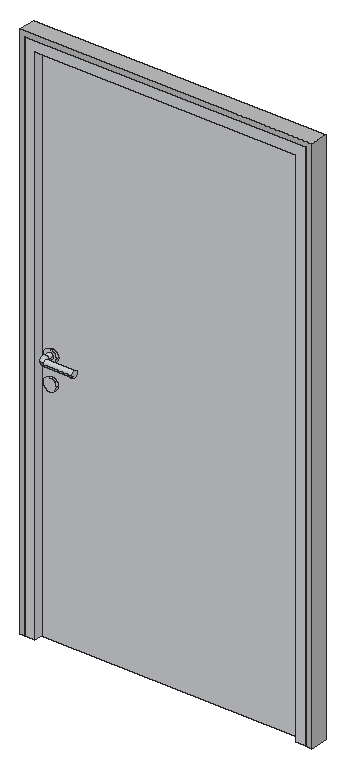
Revit family "BRU_Дверь_Однопольная_Стальная_Кл_П_Исправлено", category Двери, Revit 2021
Family settings
  Основа = Стена
  Номер OmniClass = 23.30.10.00
  Заголовок OmniClass = Doors
  Всегда вертикально = Да
  При загрузке вырезать с полостями = Нет
  Общий = Нет
  Точка принадлежности помещению = Нет
Parameters (values of type "ДСВ-О-Н-EI60 1100х2100(h) Л")
  Четверть сверху.Размер [instance] = 30 mm
  Четверть (есть/нет) [instance] = no
  Четверть сверху [instance] = if([Четверть (есть/нет)], Четверть сверху.Размер, 0 mm)  # 0 mm
  Четверть сбоку [instance] = if([Четверть (есть/нет)], Четверти сбоку.Размер, 0 mm)  # 0 mm
  Четверти сбоку.Размер [instance] = 30 mm
  Угол в плане 30 [instance] = yes
  Тип полотна двери = Полотно : Глухое
  Ручка двери = none
  Рама двери.Ширина справа = 80 mm
  Рама двери.Ширина слева = 80 mm
  Рама двери.Ширина внизу = 80 mm
  Рама двери.Ширина вверху = 80 mm
  Полотно двери. Высота [instance] = Rough Height - Коробка.Ширина  # 2070 mm
  Площадь [instance] = Width * Height  # 2.565 m²
  Откосы.Ширина [instance] = 530 mm
  Define Thermal Properties by = 1
  Fire Rating = ""
  О_Обозначение = ""
  О_Наименование = ""
  Монтажный зазор снизу.Толщина [instance] = 130 mm
  Монтажный зазор сверху.Толщина = 20 mm
  Коробка.Ширина = 30 mm
  Коробка.Толщина = 70 mm
  Правая = no
  Полотно.Толщина = 40 mm
  Полотно двери = none
  Остекление двери = none
  Наличник.Ширина [instance] = 60 mm
  Наличник.Толщина [instance] = 10 mm
  Наличник снаружи (есть/нет) [instance] = no
  Наличник внутри (есть/нет) [instance] = no
  Монтажный зазор сбоку.Толщина = 20 mm
  Type Comments = ""
  Глубина выреза проема наружу [instance] = 200 mm
  Глубина выреза проема внутрь [instance] = 200 mm
  Глубина вставки двери [instance] = 0 mm
  Левая = not(Правая)  # yes
  Защитное ограждение (есть/нет) = no
  Огибание наружных слоев [instance] = 0 mm
  Width = 1140 mm
  Rough Width [instance] = Width - Монтажный зазор сбоку.Толщина * 2  # 1100 mm
  Rough Height [instance] = Height - Монтажный зазор сверху.Толщина - Монтажный зазор снизу.Толщина  # 2100 mm
  Группа модели = "Дверь глухая с порогом"
  Manufacturer = ""
  Wall Closure = (empty or 0)
  Height = 2250 mm
  Description = ""
  Тип конструкций = "Дверь стальная"
  Аналитическая конструкция = "<Нет>"
  BRU_ДверьТип = "BRU_Дверь_Однопольная_Стальная_Техническая_Противопожарная"
  ADSK_Этаж [instance] = ""
  ADSK_Толщина стены [instance] = 0 mm
  ADSK_Примечание [instance] = ""
  ADSK_Предел огнестойкости = "EI60"
  ADSK_Позиция [instance] = ""
  ADSK_Открывание = if(Правая, "Правая", "Левая")  # "Левая"
  ADSK_Обозначение = "ГОСТ 6629-88"  # constant formula
  ADSK_Наименование краткое = ""
  ADSK_Наименование = "ДСВ-О-Н-EI60 1100х2100(h)"
  ADSK_Масса_Текст = ""
  ADSK_Количество [instance] = 0
  ADSK_Код изделия = ""
  ADSK_Зона [instance] = ""
  ADSK_Завод-изготовитель = ""
  ADSK_Единица измерения = ""
  ADSK_Группирование [instance] = ""
  ADSK_URL страницы изделия = ""
  ADSK_URL документации изделия = ""
Types (2, lengths in mm): name | Правая | Левая | ADSK_Открывание
  ДСВ-О-Н-EI60 1100х2100(h) Пр | yes | no | "Правая"
  ДСВ-О-Н-EI60 1100х2100(h) Л | no | yes | "Левая"
Reference planes
  plane 1: y = 0
  plane 2 "По центру (Влево/Вправо)": x = 0
  plane 3 "Слева": x = -570
  plane 4 "Справа": x = 570
  plane 5: z = 2250
  plane 6 "Наружный": y = 300
  plane 7 "Внутренние": y = -300
  plane 8 "Вставка двери": y = 300
  plane 9 "Четверть слева": x = -570
  plane 10 "Четверть справа": x = 570
  plane 11 "Четверть сверху": z = 2250
  plane 12 "Полотно двери": y = 260
  plane 13 "Рама внутри": y = 230
  plane 14 "Монтажный зазор слева": x = -550
  plane 15 "Монтажный зазор справа": x = 550
  plane 16 "Монтажный зазор сверху": z = 2230
  plane 17 "Глубина огибания наружного слоя": y = 300
  plane 18: y = 310
  plane 19: x = 560
  plane 20: y = -310
  plane 21: x = -560
  plane 22: y = 500
  plane 23: y = -500
  plane 24 "2": z = 130
Forms (mm)
  Extrusion 1, void
    sketch origin (0, 0, 0) x (1, 0, 0) y (0, 1, 0)
      loop
        line (570, 300) -> (-570, 300) -> (-570, -500) -> (570, -500) -> (570, 300)
    from 0 to 2250
  Extrusion 2, void
    sketch origin (0, 0, 0) x (1, 0, 0) y (0, 1, 0)
      loop
        line (570, 500) -> (-570, 500) -> (-570, 300) -> (570, 300) -> (570, 500)
    from 0 to 2250
  Sweep 3, solid, material <- "Полотно двери", visible <- "Наличник снаружи (есть/нет)", detail levels fine
    path origin (0, 300, 0) x (1, 0, 0) y (0, 0, 1)
      loop
        line (-570, 130) -> (-570, 2250) -> (570, 2250) -> (570, 130)
    profile origin (-570, 300, 1190) x (-1, 0, 0) y (0, -1, 0)
      loop
        line (-10, 0) -> (-10, -5)
        arc (-10, -5) -> (-8.536, -8.536) -> (-5, -10) r 5
        line (-5, -10) -> (45, -10)
        arc (45, -10) -> (48.536, -8.536) -> (50, -5) r 5
        line (50, -5) -> (50, 0) -> (-10, 0)
  Sweep 4, solid, material <- "Полотно двери", visible <- "Наличник внутри (есть/нет)", detail levels fine
    path origin (0, -300, 0) x (1, 0, 0) y (0, 0, 1)
      loop
        line (-570, 130) -> (-570, 2250) -> (570, 2250) -> (570, 130)
    profile origin (-570, -300, 1190) x (-1, 0, 0) y (0, -1, 0)
      loop
        line (-20, 0) -> (40, 0) -> (40, 5)
        arc (40, 5) -> (38.536, 8.536) -> (35, 10) r 5
        line (35, 10) -> (-15, 10)
        arc (-15, 10) -> (-18.536, 8.536) -> (-20, 5) r 5
        line (-20, 5) -> (-20, 0)
  Sweep 5, solid, material <- "Полотно двери"
    path origin (0, 300, 0) x (-1, 0, 0) y (0, 0, 1)
      loop
        line (550, 130) -> (550, 2230) -> (-550, 2230) -> (-550, 130)
    profile origin (550, 300, 1180) x (0, 1, 0) y (-1, 0, 0)
      loop
        line (0, 0) -> (0, 30) -> (-40, 30) -> (-40, 40) -> (-70, 40) -> (-70, 0) -> (0, 0)
  Sweep 6, solid, material <- "Полотно двери", visible <- "Наличник снаружи (есть/нет)", detail levels fine
    path origin (0, 300, 0) x (-1, 0, 0) y (0, 0, 1)
      loop
        line (570, 130) -> (570, 2250) -> (-570, 2250) -> (-570, 130)
    profile origin (570, 300, 1190) x (0, 1, 0) y (-1, 0, 0)
      loop
        line (5, 0) -> (5, 10) -> (0, 10) -> (0, 0) -> (5, 0)
  Extrusion 7, solid, material <- "Полотно двери"
    sketch origin (-2514.822, 300, 1200) x (-1, 0, 0) y (0, 0, 1)
      loop
        line (-3084.822, 1050) -> (-3084.822, -1070) -> (-3063.822, -1070) -> (-3063.822, 1029) -> (-1965.822, 1029) -> (-1965.822, -1070) -> (-1944.822, -1070) -> (-1944.822, 1050) -> (-3084.822, 1050)
    from 0 to -70
Cuts and joins
  joined: Sweep 3, Sweep 6
Lines and regions (mm)
  Masking region 1, detail levels fine
    outline origin (0, 0, 0) x (0, 1, 0) y (0, 0, 1)
      loop
        line (230, 2190) -> (260, 2190) -> (260, 2200) -> (300, 2200) -> (300, 2230) -> (230, 2230) -> (230, 2190)
  Masking region 2, detail levels fine
    outline origin (0, 0, 0) x (0, 1, 0) y (0, 0, 1)
      loop
        line (300, 130) -> (300, 2200) -> (260, 2200) -> (260, 130) -> (300, 130)
  Masking region 3, detail levels fine
    outline origin (0, 0, 0) x (0, 1, 0) y (0, 0, 1)
      loop
        line (230, 2190) -> (230, 130) -> (260, 130) -> (260, 2190) -> (230, 2190)
  Masking region 4, detail levels coarse+medium
    outline origin (0, 0, 0) x (0, 1, 0) y (0, 0, 1)
      loop
        line (300, 130) -> (300, 2250) -> (230, 2250) -> (230, 130) -> (300, 130)
Text (mm)
  text "Наружный" at (-2295.016, 1099.543, 0), in view "Опорный уровень "
  text "Наружный" at (0, 1615.38, 3698.081), in view "Слева"
  text "Наружный" at (0, 1036.032, 3874.932), in view "Справа"
Dimensions and locks
  equal spacing: plane 14 "Монтажный зазор слева", plane 2 "По центру (Влево/Вправо)", plane 15 "Монтажный зазор справа"
  "Rough Width": plane 14 "Монтажный зазор слева" to plane 15 "Монтажный зазор справа"
  "Rough Height": plane 16 "Монтажный зазор сверху" to plane 24 "2"
  host wall to plane 5 = 2250 mm  (x2)
  locked: plane 6 "Наружный" to host wall
  locked: plane 7 "Внутренние" to host wall
  "Четверть сбоку": plane 3 "Слева" to plane 9 "Четверть слева"
  "Четверть сбоку": plane 10 "Четверть справа" to plane 4 "Справа"
  "Глубина вставки двери": plane 6 "Наружный" to plane 8 "Вставка двери"
  "Наличник.Ширина": Sweep 3 sketch curve to plane 21
  "Коробка.Толщина": plane 8 "Вставка двери" to plane 13 "Рама внутри"
  "Полотно.Толщина": plane 8 "Вставка двери" to plane 12 "Полотно двери"
  "Огибание наружных слоев": plane 6 "Наружный" to plane 17 "Глубина огибания наружного слоя"
  "Наличник.Ширина": Sweep 4 sketch curve to Sweep 4 sketch curve
  locked: Sweep 4 sketch curve to Sweep 4 sketch curve at 5  (x4)
  locked: Sweep 3 sketch curve to Sweep 3 sketch curve at 5
  "Коробка.Ширина": Sweep 5 sketch curve to profile plane
  locked: Sweep 5 sketch curve to Sweep 5 sketch curve at 10
  "Наличник.Толщина": plane 7 "Внутренние" to plane 20
  "Наличник.Толщина": plane 18 to plane 6 "Наружный"
  "Наличник.Толщина": plane 9 "Четверть слева" to plane 21
  "Наличник.Толщина": plane 19 to plane 10 "Четверть справа"
  locked: plane 18 to Sweep 3 sketch curve at 5  (x2)
  locked: Sweep 3 sketch curve to plane 21 at 5
  locked: plane 18 to Sweep 6 sketch curve at 5
  "Откосы.Ширина": plane 7 "Внутренние" to plane 13 "Рама внутри"
  equal spacing: plane 3 "Слева", plane 2 "По центру (Влево/Вправо)", plane 4 "Справа"
  "Width": plane 3 "Слева" to plane 4 "Справа"
  "Глубина выреза проема внутрь": plane 23 to plane 7 "Внутренние"
  "Глубина выреза проема наружу": plane 6 "Наружный" to plane 22
  locked: Extrusion 7 sketch curve to plane 15 "Монтажный зазор справа" at 1
  locked: Extrusion 7 sketch curve to plane 16 "Монтажный зазор сверху" at 1
  locked: plane 14 "Монтажный зазор слева" to Extrusion 7 sketch curve at 1
  "Монтажный зазор снизу.Толщина": level to plane 24 "2"
  "Монтажный зазор сверху.Толщина": plane 5 to plane 16 "Монтажный зазор сверху"
  "Четверть сверху": plane 5 to plane 11 "Четверть сверху"
  aligned and locked: plane 1 to host wall
  aligned and locked: plane 8 "Вставка двери" to Extrusion 1 sketch curve
  aligned and locked: plane 3 "Слева" to Extrusion 1 sketch curve
  aligned and locked: Extrusion 1 sketch curve to plane 4 "Справа"
  aligned and locked: Extrusion 1 to level
  aligned and locked: Extrusion 1 to plane 5
  aligned and locked: Extrusion 2 sketch curve to plane 8 "Вставка двери"
  aligned and locked: plane 10 "Четверть справа" to Extrusion 2 sketch curve
  aligned and locked: Extrusion 2 sketch curve to plane 9 "Четверть слева"
  aligned and locked: Extrusion 2 to level
  aligned and locked: plane 11 "Четверть сверху" to Extrusion 2
  aligned and locked: plane 9 "Четверть слева" to Sweep 3 sketch curve
  aligned and locked: plane 11 "Четверть сверху" to Sweep 3 sketch curve
  aligned and locked: plane 10 "Четверть справа" to Sweep 3 sketch curve
  aligned and locked: Sweep 4 sketch curve to plane 3 "Слева"
  aligned and locked: Sweep 4 sketch curve to plane 5
  aligned and locked: Sweep 4 sketch curve to plane 4 "Справа"
  aligned and locked: Sweep 4 sketch curve to plane 7 "Внутренние"
  aligned and locked: Sweep 5 sketch curve to plane 15 "Монтажный зазор справа"
  aligned and locked: Sweep 5 sketch curve to plane 16 "Монтажный зазор сверху"
  aligned and locked: Sweep 5 sketch curve to plane 14 "Монтажный зазор слева"
  aligned and locked: profile plane to Sweep 5 sketch curve
  aligned and locked: plane 13 "Рама внутри" to Sweep 5 sketch curve
  aligned and locked: plane 8 "Вставка двери" to Sweep 5 sketch curve
  aligned and locked: plane 12 "Полотно двери" to Sweep 5 sketch curve
  aligned and locked: plane 12 "Полотно двери" to nested 1
  aligned and locked: nested 1 to plane 8 "Вставка двери"
  aligned and locked: Sweep 5 to nested 1
  aligned and locked: nested 1 to Sweep 5  (x2)
  aligned and locked: plane 2 "По центру (Влево/Вправо)" to nested 2
  aligned and locked: nested 2 to plane 8 "Вставка двери"
  aligned and locked: plane 12 "Полотно двери" to nested 2
  aligned and locked: plane 13 "Рама внутри" to nested 2
  aligned and locked: plane 2 "По центру (Влево/Вправо)" to nested 3
  aligned and locked: plane 8 "Вставка двери" to nested 3
  aligned and locked: nested 3 to plane 12 "Полотно двери"
  aligned and locked: nested 3 to plane 13 "Рама внутри"
  aligned and locked: Sweep 4 sketch curve to plane 14 "Монтажный зазор слева"
  aligned and locked: profile plane to Sweep 3 sketch curve
  aligned and locked: Sweep 6 sketch curve to plane 11 "Четверть сверху"
  aligned and locked: plane 10 "Четверть справа" to Sweep 6 sketch curve  (x2)
  aligned and locked: plane 9 "Четверть слева" to Sweep 6 sketch curve
  aligned and locked: plane 8 "Вставка двери" to Sweep 6 sketch curve
  aligned and locked: plane 20 to Sweep 4 sketch curve
  aligned and locked: plane 18 to Sweep 3 sketch curve
  aligned and locked: Sweep 6 sketch curve to plane 19
  aligned and locked: Masking region 1 sketch curve to Sweep 5  (x2)
  aligned and locked: plane 12 "Полотно двери" to Masking region 1 sketch curve
  aligned and locked: plane 13 "Рама внутри" to Masking region 1 sketch curve
  aligned and locked: plane 8 "Вставка двери" to Masking region 1 sketch curve
  aligned and locked: plane 16 "Монтажный зазор сверху" to Masking region 1 sketch curve
  aligned and locked: plane 8 "Вставка двери" to Masking region 2 sketch curve
  aligned and locked: plane 12 "Полотно двери" to Masking region 2 sketch curve
  aligned and locked: Masking region 2 sketch curve to Sweep 5
  aligned and locked: Masking region 3 sketch curve to Sweep 5
  aligned and locked: plane 13 "Рама внутри" to Masking region 3 sketch curve
  aligned and locked: plane 12 "Полотно двери" to Masking region 3 sketch curve
  aligned and locked: plane 8 "Вставка двери" to Masking region 4 sketch curve
  aligned and locked: plane 13 "Рама внутри" to Masking region 4 sketch curve
  aligned and locked: plane 5 to Masking region 4 sketch curve
  aligned and locked: Extrusion 7 sketch curve to plane 4 "Справа"
  aligned and locked: Extrusion 7 sketch curve to plane 3 "Слева"
  aligned and locked: Extrusion 7 sketch curve to plane 5
  aligned and locked: Extrusion 7 to plane 13 "Рама внутри"
  aligned and locked: plane 8 "Вставка двери" to Extrusion 7
  aligned and locked: plane 22 to Extrusion 2 sketch curve
  aligned and locked: Extrusion 1 sketch curve to plane 23
  aligned and locked: plane 24 "2" to Sweep 5 sketch curve  (x2)
  aligned and locked: plane 24 "2" to Sweep 3 sketch curve  (x2)
  aligned and locked: plane 24 "2" to Sweep 6 sketch curve  (x2)
  aligned and locked: plane 24 "2" to Sweep 4 sketch curve  (x2)
  aligned and locked: Extrusion 7 sketch curve to plane 24 "2"
  aligned and locked: plane 24 "2" to Extrusion 7 sketch curve
  aligned and locked: Masking region 4 sketch curve to plane 24 "2"
  aligned and locked: Masking region 3 sketch curve to plane 24 "2"
  aligned and locked: Masking region 2 sketch curve to plane 24 "2"
Nested families
  nested 1: "Полотно" at (0, 300, 130), type <- "Тип полотна двери", Полотно двери.Высота <- "Полотно двери. Высота", type "Глухое"
    with Полотно двери.Ширина 1040 mm, Полотно двери.Толщина 40 mm, Полотно двери.Высота 2070 mm, Правая no, Левая yes
  nested 2: "Обозначение на плане" at (0, 300, 0), Ширина двери <- "Rough Width", visible <- "Правая", Монтажный зазор <- "Монтажный зазор сбоку.Толщина", Ширина коробки <- "Коробка.Ширина", Толщина полотна двери <- "Полотно.Толщина", Толщина коробки <- "Коробка.Толщина", type "По-умолчанию"
    with Ширина полотна двери 1000 mm, Ширина коробки 30 mm, Ширина двери 1100 mm, Толщина полотна двери 40 mm, Толщина коробки 70 mm, Монтажный зазор 20 mm
  nested 3: "Обозначение на плане" at (0, 300, 0) x (-1, 0, 0) z (0, 0, 1), Ширина двери <- "Rough Width", visible <- "Левая", Монтажный зазор <- "Монтажный зазор сбоку.Толщина", Ширина коробки <- "Коробка.Ширина", Толщина полотна двери <- "Полотно.Толщина", Толщина коробки <- "Коробка.Толщина", type "По-умолчанию"
    with Ширина полотна двери 1000 mm, Ширина коробки 30 mm, Ширина двери 1100 mm, Толщина полотна двери 40 mm, Толщина коробки 70 mm, Монтажный зазор 20 mm
Definition of nested family "Полотно"
  Parameters (values of type "Глухое")
    Ручка.Отступ от края = 50 mm
    Ручка.Высота расположения = 1000 mm
    Ручка двери = none
    Рама справа.Ширина = 150 mm
    Рама слева.Ширина = 150 mm
    Рама внизу.Ширина = 600 mm
    Рама вверху.Ширина = 150 mm
    Правая = yes
    Полотно остекленное = no
    Полотно двери.Ширина [instance] = 1000 mm
    Полотно двери.Толщина [instance] = 40 mm
    Полотно двери.Высота [instance] = 2100 mm
    Полотно двери = none
    Полотно глухое = yes
    Остекление двери = none
    Левая = not(Правая)  # no
    Защитные ограждения = no
    Analytic Construction = "<Нет>"
  Types (2, lengths in mm): name | Рама справа.Ширина | Рама слева.Ширина | Рама внизу.Ширина | Рама вверху.Ширина | Полотно остекленное | Полотно глухое
    Глухое | 150 | 150 | 600 | 150 | no | yes
    Остекленное | 80 | 80 | 80 | 80 | yes | no
  Reference planes
    plane 1 "Center (Front/Back)": y = 0
    plane 2: z = 0
    plane 3 "Center (Left/Right)": x = 0
    plane 4: x = -500
    plane 5: x = 500
    plane 6 "Back": y = -40
    plane 7: z = 2100
    plane 8 "Высота расположения ручки": z = 1000
    plane 9 "Отступ ручки справа": x = 450
    plane 10 "Отступ ручки слева": x = -450
    plane 11 "Остекление снаружи": y = -8
    plane 12 "Остекление внутри": y = -32
    plane 13 "Ширина рамы справа": x = -350
    plane 14 "Ширина рамы слева": x = 350
    plane 15 "Ширина рамы внизу": z = 600
    plane 16 "Ширина рамы вверху": z = 1950
    plane 17: z = 950
    plane 18: z = 800
    plane 19: z = 650
    plane 20: z = 1050
  Forms (mm)
    Extrusion 1, solid, material <- "Полотно двери", visible <- "Полотно глухое"
      sketch origin (0, 0, 0) x (1, 0, 0) y (0, 0, 1)
        loop
          line (-500, 2100) -> (-500, 0) -> (500, 0) -> (500, 2100) -> (-500, 2100)
      from 0 to 40 <- "Полотно двери.Толщина"
    Extrusion 2, solid, material <- "Полотно двери", visible <- "Полотно остекленное"
      sketch origin (0, 0, 0) x (1, 0, 0) y (0, 0, 1)
        loop
          line (-500, 2100) -> (-500, 0) -> (500, 0) -> (500, 2100) -> (-500, 2100)
        loop
          line (-350, 600) -> (350, 600) -> (350, 1950) -> (-350, 1950) -> (-350, 600)
      from 0 to 40
    Extrusion 3, solid, material <- "Остекление двери", visible <- "Полотно остекленное"
      sketch origin (-646.608, -8, 1200) x (-1, 0, 0) y (0, 0, 1)
        loop
          line (-296.608, 750) -> (-996.608, 750) -> (-996.608, -600) -> (-296.608, -600) -> (-296.608, 750)
      from 0 to -24
    Sweep 4, solid, material <- "Ручка двери", visible <- "Защитные ограждения", detail levels medium+fine
      path origin (-858.179, -1524, 950) x (-1, 0, 0) y (0, -1, 0)
        loop
          arc (-478.179, -1469) -> (-482.572, -1458.393) -> (-493.179, -1454) r 15
          line (-493.179, -1454) -> (-1223.179, -1454)
          arc (-1223.179, -1454) -> (-1233.785, -1458.393) -> (-1238.179, -1469) r 15
          line (-1238.179, -1469) -> (-1238.179, -1539)
          arc (-1238.179, -1539) -> (-1233.785, -1549.607) -> (-1223.179, -1554) r 15
          line (-1223.179, -1554) -> (-493.179, -1554)
          arc (-493.179, -1554) -> (-482.572, -1549.607) -> (-478.179, -1539) r 15
          line (-478.179, -1539) -> (-478.179, -1469)
      profile origin (-380, -20, 950) x (-1, 0, 0) y (0, 0, 1)
        loop
          circle (0, 0) r 10
    Sweep 5, solid, material <- "Ручка двери", visible <- "Защитные ограждения", detail levels medium+fine
      path origin (-858.179, -1524, 800) x (-1, 0, 0) y (0, -1, 0)
        loop
          arc (-478.179, -1469) -> (-482.572, -1458.393) -> (-493.179, -1454) r 15
          line (-493.179, -1454) -> (-1223.179, -1454)
          arc (-1223.179, -1454) -> (-1233.785, -1458.393) -> (-1238.179, -1469) r 15
          line (-1238.179, -1469) -> (-1238.179, -1539)
          arc (-1238.179, -1539) -> (-1233.785, -1549.607) -> (-1223.179, -1554) r 15
          line (-1223.179, -1554) -> (-493.179, -1554)
          arc (-493.179, -1554) -> (-482.572, -1549.607) -> (-478.179, -1539) r 15
          line (-478.179, -1539) -> (-478.179, -1469)
      profile origin (-380, -20, 800) x (-1, 0, 0) y (0, 0, 1)
        loop
          circle (0, 0) r 10
    Sweep 6, solid, material <- "Ручка двери", visible <- "Защитные ограждения", detail levels medium+fine
      path origin (-858.179, -1524, 650) x (-1, 0, 0) y (0, -1, 0)
        loop
          arc (-478.179, -1469) -> (-482.572, -1458.393) -> (-493.179, -1454) r 15
          line (-493.179, -1454) -> (-1223.179, -1454)
          arc (-1223.179, -1454) -> (-1233.785, -1458.393) -> (-1238.179, -1469) r 15
          line (-1238.179, -1469) -> (-1238.179, -1539)
          arc (-1238.179, -1539) -> (-1233.785, -1549.607) -> (-1223.179, -1554) r 15
          line (-1223.179, -1554) -> (-493.179, -1554)
          arc (-493.179, -1554) -> (-482.572, -1549.607) -> (-478.179, -1539) r 15
          line (-478.179, -1539) -> (-478.179, -1469)
      profile origin (-380, -20, 650) x (-1, 0, 0) y (0, 0, 1)
        loop
          circle (0, 0) r 10
  Lines and regions (mm)
    symbolic lines, visible <- "Правая", detail levels medium
      curve 1: line (-500, 0, 0) -> (500, 0, 1050)
      curve 2: line (500, 0, 1050) -> (-500, 0, 2100)
    symbolic lines, visible <- "Левая", detail levels medium
      curve 3: line (500, 0, 0) -> (-500, 0, 1050)
      curve 4: line (-500, 0, 1050) -> (500, 0, 2100)
  Dimensions and locks
    "Полотно двери.Толщина": plane 1 "Center (Front/Back)" to plane 6 "Back"
    equal spacing: plane 4, plane 3 "Center (Left/Right)", plane 5
    "Полотно двери.Ширина": plane 4 to plane 5
    "Полотно двери.Высота": plane 7 to plane 2
    "Ручка.Высота расположения": plane 8 "Высота расположения ручки" to level
    "Ручка.Отступ от края": plane 5 to plane 9 "Отступ ручки справа"
    "Ручка.Отступ от края": plane 10 "Отступ ручки слева" to plane 4
    locked: plane 12 "Остекление внутри" to plane 6 "Back" at 8
    locked: plane 1 "Center (Front/Back)" to plane 11 "Остекление снаружи" at 8
    "Рама вверху.Ширина": plane 7 to plane 16 "Ширина рамы вверху"
    "Рама внизу.Ширина": plane 15 "Ширина рамы внизу" to plane 2
    "Рама справа.Ширина": plane 5 to plane 14 "Ширина рамы слева"
    "Рама слева.Ширина": plane 13 "Ширина рамы справа" to plane 4
    locked: plane 17 to plane 2 at 950
    plane 17 to plane 18 to plane 19 = 150 mm locked, 150 mm locked
    locked: plane 1 "Center (Front/Back)" to Sweep 4 sketch curve at 30
    locked: Sweep 4 sketch curve to profile plane at 0
    locked: profile plane to Sweep 4 sketch curve at 0
    locked: Sweep 4 sketch curve to plane 6 "Back" at 30
    locked: Sweep 5 sketch curve to profile plane at 0
    locked: profile plane to Sweep 5 sketch curve at 0
    locked: Sweep 5 sketch curve to plane 6 "Back" at 30
    locked: plane 1 "Center (Front/Back)" to Sweep 5 sketch curve at 30
    locked: Sweep 6 sketch curve to profile plane at 0
    locked: profile plane to Sweep 6 sketch curve at 0
    locked: Sweep 6 sketch curve to plane 6 "Back" at 30
    locked: plane 1 "Center (Front/Back)" to Sweep 6 sketch curve at 30
    equal spacing: plane 7, plane 20, plane 2
    locked: Sweep 4 sketch curve to plane 13 "Ширина рамы справа" at 30
    locked: plane 14 "Ширина рамы слева" to Sweep 4 sketch curve at 30
    locked: plane 14 "Ширина рамы слева" to Sweep 5 sketch curve at 30
    locked: Sweep 5 sketch curve to plane 13 "Ширина рамы справа" at 30
    locked: Sweep 6 sketch curve to plane 13 "Ширина рамы справа" at 30
    locked: plane 14 "Ширина рамы слева" to Sweep 6 sketch curve at 30
    locked: Sweep 4 sketch curve to Sweep 4 sketch curve at 15  (x8)
    locked: Sweep 5 sketch curve to Sweep 5 sketch curve at 15  (x8)
    locked: Sweep 6 sketch curve to Sweep 6 sketch curve at 15  (x8)
    aligned and locked: level to plane 2
    aligned and locked: Extrusion 1 sketch curve to plane 7
    aligned and locked: plane 4 to Extrusion 1 sketch curve
    aligned and locked: plane 2 to Extrusion 1 sketch curve
    aligned and locked: Extrusion 1 sketch curve to plane 5
    aligned and locked: Extrusion 1 to plane 1 "Center (Front/Back)"
    aligned and locked: Extrusion 1 to plane 6 "Back"
    aligned and locked: nested 1 to plane 10 "Отступ ручки слева"
    aligned and locked: plane 1 "Center (Front/Back)" to nested 1
    aligned and locked: plane 6 "Back" to nested 1
    aligned and locked: plane 8 "Высота расположения ручки" to nested 1
    aligned and locked: nested 2 to plane 1 "Center (Front/Back)"
    aligned and locked: nested 2 to plane 6 "Back"
    aligned and locked: nested 2 to plane 9 "Отступ ручки справа"
    aligned and locked: nested 2 to plane 8 "Высота расположения ручки"
    aligned and locked: Extrusion 2 sketch curve to plane 4
    aligned and locked: Extrusion 2 sketch curve to plane 5
    aligned and locked: Extrusion 2 sketch curve to plane 7
    aligned and locked: Extrusion 2 sketch curve to plane 2
    aligned and locked: Extrusion 2 sketch curve to plane 15 "Ширина рамы внизу"
    aligned and locked: Extrusion 2 sketch curve to plane 13 "Ширина рамы справа"
    aligned and locked: Extrusion 2 sketch curve to plane 14 "Ширина рамы слева"
    aligned and locked: Extrusion 2 sketch curve to plane 16 "Ширина рамы вверху"
    aligned and locked: Extrusion 2 to plane 1 "Center (Front/Back)"
    aligned and locked: Extrusion 2 to plane 6 "Back"
    aligned and locked: plane 13 "Ширина рамы справа" to Extrusion 3 sketch curve
    aligned and locked: plane 14 "Ширина рамы слева" to Extrusion 3 sketch curve
    aligned and locked: plane 16 "Ширина рамы вверху" to Extrusion 3 sketch curve
    aligned and locked: plane 15 "Ширина рамы внизу" to Extrusion 3 sketch curve
    aligned and locked: Extrusion 3 to plane 11 "Остекление снаружи"
    aligned and locked: Extrusion 3 to plane 12 "Остекление внутри"
    aligned and locked: plane 4 to curve 1
    aligned and locked: plane 2 to curve 1
    aligned and locked: plane 5 to curve 2
    aligned and locked: plane 20 to curve 1
    aligned and locked: plane 7 to Extrusion 2
    aligned and locked: plane 4 to Extrusion 2
  Automatic sketch dimensions
    curve 3 to plane 4 = 0 mm
    curve 2 to plane 4 = 0 mm
    curve 3 to level = 0 mm
    curve 3 to plane 5 = 0 mm
    curve 4 to plane 5 = 0 mm
    curve 4 to plane 20 = 0 mm
    curve 4 to plane 7 = 0 mm
    curve 2 to plane 7 = 0 mm
    radius of Sweep 4 sketch curve = 10 mm
    radius of Sweep 5 sketch curve = 10 mm
    radius of Sweep 6 sketch curve = 10 mm
  Nested families
    nested 1: "Дверная ручка" at (-450, 0, 1000), visible <- "Левая", Полотно двери.Толщина <- "Полотно двери.Толщина", type "Дверная ручка", detail levels fine
      with Полотно двери.Толщина 40 mm
    nested 2: "Дверная ручка" at (450, 0, 1000) x (-1, 0, 0) z (0, 0, 1), visible <- "Правая", Полотно двери.Толщина <- "Полотно двери.Толщина", type "Дверная ручка", detail levels fine
      with Полотно двери.Толщина 40 mm
  Definition of nested family "Дверная ручка"
    Parameters (values of type "Дверная ручка")
      Полотно двери.Толщина [instance] = 40 mm
      Дверная ручка = none
      Analytic Construction = "<Нет>"
    Reference planes
      plane 1 "Center (Front/Back)": y = 0
      plane 2: z = 0
      plane 3 "Center (Left/Right)": x = 0
      plane 4: y = -40
      plane 5: z = -100
    Forms (mm)
      Sweep 1, solid, material <- "Дверная ручка", detail levels medium+fine
        path origin (0, 0, 0) x (1, 0, 0) y (0, 1, 0)
          loop
            line (130, 50) -> (20, 50)
            arc (20, 50) -> (5.858, 44.142) -> (0, 30) r 20
            line (0, 30) -> (0, -70)
            arc (0, -70) -> (5.858, -84.142) -> (20, -90) r 20
            line (20, -90) -> (130, -90)
        profile origin (0, -20, 0) x (1, 0, 0) y (0, 0, 1)
          loop
            circle (0, 0) r 12
      Extrusion 2, solid, material <- "Дверная ручка", detail levels medium+fine
        sketch origin (-2000, -40, 1200) x (-1, 0, 0) y (0, 0, 1)
          loop
            circle (-2000, -1200) r 25
        from 48 to -8
      Extrusion 3, solid, material <- "Дверная ручка", detail levels medium+fine
        sketch origin (-2000, -40, 1100) x (-1, 0, 0) y (0, 0, 1)
          loop
            circle (-2000, -1200) r 25
        from 48 to -8
    Cuts and joins
      joined: Sweep 1, Extrusion 2
    Dimensions and locks
      "Полотно двери.Толщина": plane 1 "Center (Front/Back)" to plane 4
      locked: Sweep 1 sketch curve to plane 4 at 50
      locked: plane 1 "Center (Front/Back)" to Sweep 1 sketch curve at 50
      locked: plane 4 to Sweep 1 sketch curve at 30
      locked: plane 1 "Center (Front/Back)" to Sweep 1 sketch curve at 30
      locked: plane 3 "Center (Left/Right)" to Sweep 1 sketch curve at 20  (x2)
      locked: plane 4 to Extrusion 2 at 8
      locked: Extrusion 3 sketch curve to plane 5 at 0
      locked: plane 3 "Center (Left/Right)" to Extrusion 3 sketch curve at 0
      locked: plane 1 "Center (Front/Back)" to cut or joined group of Sweep 1, Extrusion 2 at 8
      locked: Extrusion 3 to plane 1 "Center (Front/Back)" at 8
      aligned and locked: level to plane 2
      aligned and locked: Sweep 1 sketch curve to plane 3 "Center (Left/Right)"
    Automatic sketch dimensions
      Sweep 1 sketch curve to Sweep 1 sketch curve = 110 mm  (x2)
      Sweep 1 sketch curve to level = 0 mm
      profile plane to Sweep 1 sketch curve = 0 mm
      Extrusion 2 sketch curve to level = 0 mm
      Extrusion 2 sketch curve to plane 3 "Center (Left/Right)" = 0 mm
      radius of Sweep 1 sketch curve = 12 mm
      radius of Extrusion 2 sketch curve = 25 mm
      radius of Extrusion 3 sketch curve = 25 mm
Definition of nested family "Обозначение на плане"
  Parameters (values of type "По-умолчанию")
    Ширина полотна двери [instance] = Ширина двери - 60 mm - Монтажный зазор * 2  # 600 mm
    Ширина коробки [instance] = 30 mm
    Ширина двери [instance] = 700 mm
    Толщина полотна двери [instance] = 40 mm
    Толщина коробки [instance] = 80 mm
    Открывание двери.30° = yes
    Открывание двери.90° = not(Открывание двери.30°)  # no
    Монтажный зазор [instance] = 20 mm
    Линия открывания.Дуга = not(Открывание двери.30°)  # no
  Reference planes
    plane 1 "Center (Front/Back)": y = 0
    plane 2: z = 0
    plane 3 "Center (Left/Right)": x = 0
    plane 4: x = -350
    plane 5: x = 350
    plane 6 "Толщина коробки": y = -80
    plane 7 "Толщина полотна": y = -40
    plane 8: x = -330
    plane 9: x = 330
    plane 10: x = -300
    plane 11: x = 300
  Lines and regions (mm)
    Masking region 1, in view "Ref. Level", visible <- "Открывание двери.30°", detail levels fine
      outline origin (0, 0, 0) x (1, 0, 0) y (0, 1, 0)
        loop
          line (-300, 0) -> (-280, -34.641) -> (239.615, 265.359) -> (219.615, 300) -> (-300, 0)
    Masking region 2, in view "Ref. Level", visible <- "Открывание двери.90°", detail levels fine
      outline origin (0, 140, 0) x (1, 0, 0) y (0, 1, 0)
        loop
          line (-300, -140) -> (-260, -140) -> (-260, 460) -> (-300, 460) -> (-300, -140)
    Masking region 3, in view "Ref. Level", detail levels fine
      outline origin (0, 0, 0) x (1, 0, 0) y (0, 1, 0)
        loop
          line (-330, 0) -> (-350, 0) -> (-350, -80) -> (-330, -80) -> (-330, 0)
    Masking region 4, in view "Ref. Level", detail levels fine
      outline origin (0, 0, 0) x (1, 0, 0) y (0, 1, 0)
        loop
          line (-330, 0) -> (-330, -80) -> (-290, -80) -> (-290, -40) -> (-300, -40) -> (-300, 0) -> (-330, 0)
    Masking region 5, in view "Ref. Level", detail levels fine
      outline origin (0, 0, 0) x (1, 0, 0) y (0, 1, 0)
        loop
          line (330, 0) -> (330, -80) -> (350, -80) -> (350, 0) -> (330, 0)
    Masking region 6, in view "Ref. Level", detail levels fine
      outline origin (0, 0, 0) x (1, 0, 0) y (0, 1, 0)
        loop
          line (330, 0) -> (300, 0) -> (300, -40) -> (290, -40) -> (290, -80) -> (330, -80) -> (330, 0)
    Masking region 7, in view "Ref. Level", visible <- "Открывание двери.30°", detail levels fine
      outline origin (0, 140, 0) x (1, 0, 0) y (0, 1, 0)
        loop
          line (-300, -140) -> (-260, -140) -> (-260, 460) -> (-300, 460) -> (-300, -140)
    detail lines, in view "Ref. Level", visible <- "Открывание двери.90°", detail levels coarse+medium
      curve 1: line (-350, 0, 0) -> (-350, 700, 0)
    detail lines, in view "Ref. Level", visible <- "Линия открывания.Дуга", detail levels coarse+medium
      curve 2: arc (350, 0, 0) -> (144.975, 494.975, 0) -> (-350, 700, 0) r 700
    detail lines, in view "Ref. Level", visible <- "Открывание двери.30°", detail levels coarse+medium
      curve 3: line (-350, 0, 0) -> (256.218, 350, 0)
    detail lines, in view "Ref. Level", visible <- "Линия открывания.Дуга", detail levels fine
      curve 4: arc (300, 0, 0) -> (138.178, 409.878, 0) -> (-260, 598.665, 0) r 600
    detail lines, in view "Ref. Level", visible <- "Открывание двери.30°", detail levels fine
      curve 5: arc (300, 0, 0) -> (138.178, 409.878, 0) -> (-260, 598.665, 0) r 600
  Dimensions and locks
    equal spacing: plane 4, plane 3 "Center (Left/Right)", plane 5
    "Ширина двери": plane 4 to plane 5
    "Ширина двери": plane 1 "Center (Front/Back)" to curve 1
    "Ширина двери": curve 3 to curve 3
    "Толщина полотна двери": plane 1 "Center (Front/Back)" to plane 7 "Толщина полотна"
    "Толщина коробки": plane 1 "Center (Front/Back)" to plane 6 "Толщина коробки"
    "Монтажный зазор": plane 4 to plane 8
    "Монтажный зазор": plane 9 to plane 5
    "Ширина полотна двери": Masking region 1 sketch curve to Masking region 1 sketch curve
    "Ширина полотна двери": Masking region 2 sketch curve to Masking region 2 sketch curve
    "Толщина полотна двери": Masking region 2 sketch curve to Masking region 2 sketch curve
    "Ширина коробки": plane 8 to plane 10
    "Ширина коробки": plane 11 to plane 9
    locked: plane 10 to Masking region 4 sketch curve at 10
    locked: Masking region 6 sketch curve to plane 11 at 10
    "Ширина полотна двери": Masking region 7 sketch curve to Masking region 7 sketch curve
    "Толщина полотна двери": Masking region 7 sketch curve to Masking region 7 sketch curve
    "Ширина полотна двери": radius of curve 4
    "Ширина полотна двери": radius of curve 5
    locked: plane 1 "Center (Front/Back)" to curve 3 (angle 30.00°)
    locked: plane 1 "Center (Front/Back)" to Masking region 1 sketch curve (angle 30.00°)  (x2)
    aligned and locked: plane 1 "Center (Front/Back)" to curve 1
    aligned and locked: plane 1 "Center (Front/Back)" to curve 2
    aligned and locked: plane 4 to curve 3
    aligned and locked: plane 1 "Center (Front/Back)" to Masking region 1 sketch curve
    aligned and locked: Masking region 2 sketch curve to plane 1 "Center (Front/Back)"
    aligned and locked: Masking region 3 sketch curve to plane 8
    aligned and locked: Masking region 3 sketch curve to plane 4
    aligned and locked: Masking region 3 sketch curve to plane 6 "Толщина коробки"
    aligned and locked: Masking region 3 sketch curve to plane 1 "Center (Front/Back)"
    aligned and locked: Masking region 4 sketch curve to plane 8
    aligned and locked: Masking region 4 sketch curve to plane 10
    aligned and locked: Masking region 4 sketch curve to plane 6 "Толщина коробки"
    aligned and locked: Masking region 4 sketch curve to plane 7 "Толщина полотна"
    aligned and locked: Masking region 4 sketch curve to plane 1 "Center (Front/Back)"
    aligned and locked: plane 1 "Center (Front/Back)" to Masking region 5 sketch curve
    aligned and locked: plane 9 to Masking region 5 sketch curve
    aligned and locked: plane 6 "Толщина коробки" to Masking region 5 sketch curve
    aligned and locked: Masking region 5 sketch curve to plane 5
    aligned and locked: Masking region 6 sketch curve to plane 9
    aligned and locked: Masking region 6 sketch curve to plane 11
    aligned and locked: Masking region 6 sketch curve to plane 1 "Center (Front/Back)"
    aligned and locked: Masking region 6 sketch curve to plane 7 "Толщина полотна"
    aligned and locked: Masking region 6 sketch curve to plane 6 "Толщина коробки"
  Automatic sketch dimensions
    curve 4 to curve 5 = 0 mm  (x3)
    plane 1 "Center (Front/Back)" to curve 4 = 0 mm
    curve 4 to plane 10 = 0 mm
    plane 10 to curve 5 = 40 mm
    Masking region 1 sketch curve to plane 10 = 0 mm
    plane 7 "Толщина полотна" to Masking region 1 sketch curve = 5.359 mm
    Masking region 2 sketch curve to plane 10 = 0 mm
    Masking region 7 sketch curve to plane 10 = 0 mm
    plane 1 "Center (Front/Back)" to Masking region 7 sketch curve = 0 mm
